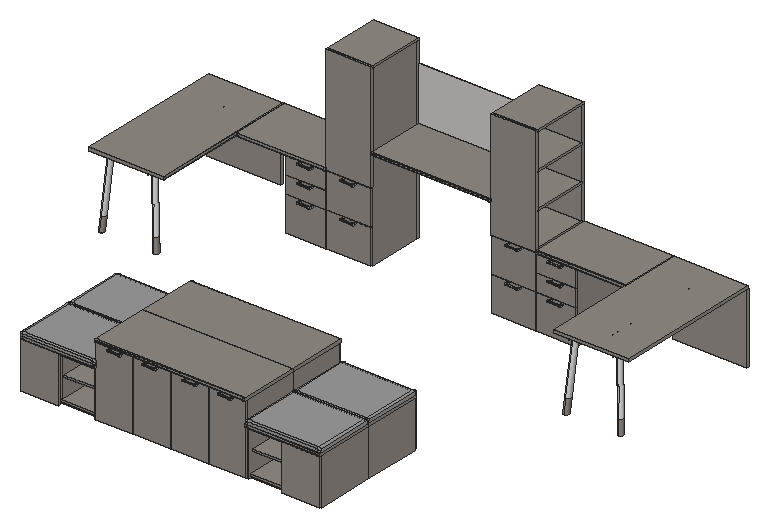
Revit family "JSI-Vision-Typical_Veneer-VSV110", category Furniture, Revit 2020 (continued)
Definition of nested family "JSI-Vision-Modular_Door_Pedestal"
  Forms (in)
    Extrusion 8, solid, material <- "Chassis"
      sketch origin (15.815, -23.25, 48) x (0, 1, 0) y (0, 0, 1)
        loop
          line (5.25, -46.8125) -> (22.8125, -46.8125) -> (22.8125, -46.0625) -> (5.25, -46.0625) -> (5.25, -46.8125)
      from -14.94 to 13.31
    Extrusion 9, solid, material <- "Chassis"
      sketch origin (15.815, -23.25, 48) x (0, 1, 0) y (0, 0, 1)
        loop
          line (6.8125, -32.64469) -> (6.8125, -33.39469) -> (22.8125, -33.39469) -> (22.8125, -32.64469) -> (6.8125, -32.64469)
      from -14.94 to 13.31
  Lines and regions (in)
    symbolic lines
      curve 1: line (0.125, -0.1875, 0) -> (0.125, -18.875, 0)
      curve 2: line (0.125, -18.875, 0) -> (0.875, -18.875, 0)
      curve 3: line (0.875, -18.875, 0) -> (0.875, -0.1875, 0)
      curve 4: line (29.875, -0.1875, 0) -> (29.875, -18.875, 0)
      curve 5: line (29.875, -18.875, 0) -> (29.125, -18.875, 0)
      curve 6: line (29.125, -18.875, 0) -> (29.125, -0.1875, 0)
      curve 7: line (0.875, -9.61516, 0) -> (29.125, -9.61516, 0)
      curve 8: line (0.875, -14.61516, 0) -> (29.125, -14.61516, 0)
      curve 9: line (0.1875, -19, 0) -> (0.1875, -19.75, 0)
      curve 10: line (0.1875, -19.75, 0) -> (14.9375, -19.75, 0)
      curve 11: line (14.9375, -19.75, 0) -> (14.9375, -19, 0)
      curve 12: line (14.9375, -19, 0) -> (0.1875, -19, 0)
      curve 13: line (15.0625, -19, 0) -> (15.0625, -19.75, 0)
      curve 14: line (15.0625, -19.75, 0) -> (29.8125, -19.75, 0)
      curve 15: line (29.8125, -19.75, 0) -> (29.8125, -19, 0)
      curve 16: line (29.8125, -19, 0) -> (15.0625, -19, 0)
      curve 17: line (0.875, -0.1875, 0) -> (0.125, -0.1875, 0)
      curve 18: line (29.875, -0.1875, 0) -> (29.125, -0.1875, 0)
      curve 19: line (29.125, -0.1875, 0) -> (0.875, -0.1875, 0)
      curve 20: line (0.875, -0.4375, 0) -> (29.125, -0.4375, 0)
  Dimensions and locks (in)
    "Width": plane 3 "Center Left/Right" to plane 5
    plane 3 "Center Left/Right" to plane 6 to plane 7 = 1/8" locked, 3/4" locked
    plane 10 to plane 9 to plane 1 "Center Front/Back" = 3/4" locked, 3/16" locked
    equal spacing: plane 3 "Center Left/Right", plane 11, plane 5
    plane 5 to plane 13 to plane 14 = 1/8" locked, 3/4" locked
    equal spacing: plane 7, plane 17, plane 16
    "Height": level to plane 12
    plane 24 to plane 23 to plane 25 to plane 27 to plane 26 = 5" locked, 4.25984" locked, 1/8" locked, 3/4" locked
    "Depth": plane 1 "Center Front/Back" to plane 28
    locked: plane 26 to plane 28 at 0.25
    equal spacing: plane 11, plane 20, plane 14
    plane 16 to plane 11 to plane 21 = 1/16" locked, 1/16" locked
    locked: plane 6 to plane 15 at 0.0625
    locked: plane 29 to plane 13 at 0.0625
    Extrusion 2 sketch curve to Extrusion 2 sketch curve to plane 27 = 3/4" locked, 1/4" locked
    locked: plane 4 to Extrusion 2 sketch curve at 1.875
    locked: plane 9 to Extrusion 7 sketch curve at 0.25
    plane 4 to Extrusion 8 sketch curve to Extrusion 8 sketch curve = 1 3/16" locked, 3/4" locked
    locked: Extrusion 8 sketch curve to plane 27 at 1
    locked: plane 9 to Extrusion 8 sketch curve at 0.25
    plane 19 to plane 18 to plane 12 = 0.74398" locked, 0.13805" locked
    locked: plane 10 to Extrusion 9 sketch curve at 15.5
    Extrusion 9 sketch curve to Extrusion 9 sketch curve to plane 4 = 3/4" locked, 14.60531" locked
    locked: plane 1 "Center Front/Back" to Extrusion 9 sketch curve at 0.4375
    aligned and locked: level to plane 2
    aligned and locked: plane 7 to Extrusion 1
    aligned and locked: Extrusion 3 to plane 14
    aligned and locked: Extrusion 2 to plane 7
    aligned and locked: Extrusion 2 to plane 14
    aligned and locked: plane 15 to Extrusion 4
    aligned and locked: Extrusion 4 to plane 16
    aligned and locked: nested 1 to plane 19
    aligned and locked: nested 1 to plane 17
    aligned and locked: nested 2 to plane 11
    aligned and locked: Extrusion 5 sketch curve to plane 18
    aligned and locked: plane 24 to Extrusion 5 sketch curve
    aligned and locked: Extrusion 5 sketch curve to plane 22
    aligned and locked: Extrusion 5 sketch curve to plane 23
    aligned and locked: Extrusion 5 to plane 7
    aligned and locked: Extrusion 5 to plane 14
    aligned and locked: plane 27 to Extrusion 4
    aligned and locked: Extrusion 4 to plane 26
    aligned and locked: plane 20 to nested 3
    aligned and locked: plane 19 to nested 3
    aligned and locked: Extrusion 6 to plane 26
    aligned and locked: plane 27 to Extrusion 6
    aligned and locked: plane 16 to Extrusion 4  (x3)
    aligned and locked: Extrusion 6 to plane 21
    aligned and locked: plane 21 to Extrusion 6  (x2)
    aligned and locked: Extrusion 4 to plane 15  (x2)
    aligned and locked: nested 1 to plane 26
    aligned and locked: plane 26 to nested 3
    aligned and locked: nested 3 to plane 26
    aligned and locked: curve 7 to Extrusion 5
    aligned and locked: curve 8 to Extrusion 5
    aligned and locked: nested 2 to plane 26
    aligned and locked: Extrusion 4 to plane 18
    aligned and locked: Extrusion 6 to plane 18
    aligned and locked: Extrusion 6 to plane 29
    aligned and locked: curve 13 to plane 21
    aligned and locked: curve 11 to plane 16
    aligned and locked: plane 4 to Extrusion 2 sketch curve
    aligned and locked: plane 9 to Extrusion 1
    aligned and locked: plane 9 to Extrusion 3
    aligned and locked: curve 6 to Extrusion 3
    aligned and locked: curve 17 to Extrusion 1
    aligned and locked: curve 18 to Extrusion 3
    aligned and locked: Extrusion 7 sketch curve to plane 9
    aligned and locked: plane 12 to Extrusion 7 sketch curve
    aligned and locked: plane 2 to Extrusion 7 sketch curve
    aligned and locked: Extrusion 7 to plane 7
    aligned and locked: Extrusion 7 to plane 14
    aligned and locked: curve 19 to Extrusion 7
    aligned and locked: curve 20 to Extrusion 7
    aligned and locked: Extrusion 8 to plane 7
    aligned and locked: Extrusion 8 to plane 14
    aligned and locked: Extrusion 9 to plane 7
    aligned and locked: Extrusion 9 to plane 14
  Automatic sketch dimensions
    plane 12 to Extrusion 1 sketch curve = 0"
    Extrusion 1 sketch curve to plane 25 = 0"
    Extrusion 1 sketch curve to level = 0"
    plane 10 to Extrusion 1 sketch curve = 3/4"
    plane 12 to Extrusion 3 sketch curve = 0"
    Extrusion 3 sketch curve to plane 25 = 0"
    Extrusion 3 sketch curve to level = 0"
    Extrusion 3 sketch curve to plane 10 = 3/4"
    Extrusion 4 sketch curve to plane 26 = 0"
    Extrusion 4 sketch curve to plane 27 = 0"
    level to Extrusion 4 sketch curve = 1/8"
    Extrusion 6 sketch curve to plane 26 = 0"
    Extrusion 6 sketch curve to plane 27 = 0"
    level to Extrusion 6 sketch curve = 1/8"
    plane 22 to Extrusion 4 sketch curve = 0.67445"
    plane 22 to Extrusion 6 sketch curve = 0.67445"
    Extrusion 1 sketch curve to Extrusion 1 sketch curve = 1.5756"
    plane 10 to Extrusion 3 sketch curve = 0.69082"
    curve 1 to plane 6 = 0"
    curve 12 to plane 15 = 0"
    curve 3 to plane 7 = 0"
    curve 16 to plane 27 = 0"
    curve 16 to plane 29 = 0"
    curve 5 to plane 25 = 0"
    curve 9 to plane 26 = 0"
    curve 15 to plane 26 = 0"
    curve 12 to plane 27 = 0"
    curve 1 to plane 25 = 0"
    curve 5 to plane 13 = 0"
  Nested families (in)
    nested 1: "Bar Pull" at (7.90625, -19.75, 27.11797), Pull Finish <- "Pull Finish", type "PL"
      with Pull Finish none
    nested 2: "Label 1-16" at (15, -19.75, 0), type "DRWCFG"
    nested 3: "Bar Pull" at (22.0625, -19.75, 27.11797) x (-1, 0, 0) z (0, 0, 1), Pull Finish <- "Pull Finish", type "PL"
      with Pull Finish none
  Definition of nested family "Bar Pull"
    Parameters
      Pull Finish [instance] = none
      Default Elevation = 0"
    Reference planes (in)
      plane 1 "Center Front/Back": y = 0
      plane 2: z = 0
      plane 3 "Center Left/Right": x = 0
      plane 4: x = -2.68731
      plane 5: x = -1.88731
      plane 6: x = 2.68731
      plane 7: x = 1.88731
      plane 8: y = -1
      plane 9: y = -0.85202
    Forms (in)
      Extrusion 1, solid, material <- "Pull Finish"
        sketch origin (0, 0, 0) x (0, 1, 0) y (0, 0, 1)
          loop
            line (0, -0.2015) -> (0, 0.2015) -> (-0.85202, 0.2015)
            arc (-0.85202, 0.2015) -> (-0.75, 0) -> (-0.85202, -0.2015) r 0.25
            line (-0.85202, -0.2015) -> (0, -0.2015)
        from 1.88731 to 2.68731
      Extrusion 2, solid, material <- "Pull Finish"
        sketch origin (0, 0, 0) x (0, 1, 0) y (0, 0, 1)
          loop
            circle (-1, 0) r 0.25
        from -2.68731 to 2.68731
      Extrusion 3, solid, material <- "Pull Finish"
        sketch origin (0, 0, 0) x (0, 1, 0) y (0, 0, -1)
          loop
            line (0, 0.2015) -> (-0.85202, 0.2015)
            arc (-0.85202, 0.2015) -> (-0.75, 0) -> (-0.85202, -0.2015) r 0.25
            line (-0.85202, -0.2015) -> (0, -0.2015) -> (0, 0.2015)
        from 1.88731 to 2.68731
    Dimensions and locks (in)
      plane 4 to plane 5 to plane 3 "Center Left/Right" to plane 7 to plane 6 = 0.8" locked, 1.88731" locked, 1.88731" locked, 0.8" locked
      plane 8 to plane 9 to plane 1 "Center Front/Back" = 0.14798" locked, 0.85202" locked
      aligned and locked: level to plane 2
      aligned and locked: plane 4 to Extrusion 3
      aligned and locked: Extrusion 3 to plane 5
      aligned and locked: plane 4 to Extrusion 2
      aligned and locked: Extrusion 1 to plane 7
      aligned and locked: plane 6 to Extrusion 1
      aligned and locked: plane 6 to Extrusion 2
      aligned and locked: plane 8 to Extrusion 2 sketch curve
      aligned and locked: Extrusion 3 to plane 1 "Center Front/Back"
      aligned and locked: Extrusion 1 to plane 1 "Center Front/Back"
      aligned and locked: plane 5 to Extrusion 3
      aligned and locked: Extrusion 3 to plane 4
      aligned and locked: Extrusion 2 to plane 4
      aligned and locked: plane 7 to Extrusion 1
      aligned and locked: Extrusion 1 to plane 6
      aligned and locked: Extrusion 2 to plane 6
  Definition of nested family "Label 1-16"
    Parameters
      Width = 1"
      Model Name = "2 Drw - 2 Drs"
    Reference planes (in)
      plane 1: y = 0
      plane 2: x = 0
    Text (in)
      label "XX" at (0.00051, -0.12324, 0), shows "Model Name"
Definition of nested family "JSI-Vision-Rectangle_Desk_Top"
  Parameters (values of type "Type Catalog")
    Worksurface = none
    Width = 42"
    URL = "www.jsifurniture.com"
    Type Comments = ""
    Series = "Vision Casegoods"  # constant formula
    Model = "Type Catalog"
    Material = ""
    Manufacturer = "JSI"  # constant formula
    Keynote = "12500"
    JSI Enviromental Website = "http://www.jsifurniture.com/jsi_sustainability_intro.php"
    Height = 30"
    Description = "Type Catalog"
    Depth = 30"
    Default Elevation = 0"
    Assembly Code = "E2020200"
  Reference planes (in)
    plane 1 "Center Front/Back": y = 0
    plane 2: z = 0
    plane 3 "Center Left/Right": x = 0
    plane 4: z = 0
    plane 5: x = 42
    plane 6: y = -30
    plane 7: z = 31.1875
    plane 8: z = 30
  Forms (in)
    Extrusion 1, solid, material <- "Worksurface"
      sketch origin (0, 0, 28) x (0, 1, 0) y (0, 0, 1)
        loop
          line (-29.88189, 2) -> (0, 2) -> (0, 3.1875) -> (-29.88189, 3.1875)
          arc (-29.88189, 3.1875) -> (-29.96541, 3.15291) -> (-30, 3.06939) r 0.11811
          line (-30, 3.06939) -> (-30, 2.11811)
          arc (-30, 2.11811) -> (-29.96541, 2.03459) -> (-29.88189, 2) r 0.11811
      from 0 to 42
  Lines and regions (in)
    symbolic lines
      curve 1: line (0, 0, 0) -> (42, 0, 0)
      curve 2: line (0, -30, 0) -> (0, 0, 0)
      curve 3: line (42, -30, 0) -> (0, -30, 0)
      curve 4: line (42, 0, 0) -> (42, -30, 0)
  Dimensions and locks (in)
    "Depth": plane 6 to plane 1 "Center Front/Back"
    "Width": plane 5 to plane 3 "Center Left/Right"
    locked: plane 7 to plane 8 at 1.1875
    "Height": plane 8 to level
    aligned and locked: level to plane 2
    aligned and locked: plane 5 to Extrusion 1
    aligned and locked: curve 1 to Extrusion 1
    aligned and locked: curve 2 to Extrusion 1
    aligned and locked: plane 6 to curve 3
    aligned and locked: curve 4 to plane 5
    aligned and locked: Extrusion 1 to plane 8
    aligned and locked: Extrusion 1 to plane 7
  Automatic sketch dimensions
    Extrusion 1 sketch curve to plane 6 = 0"
    level to Extrusion 1 sketch curve = 30"
    Extrusion 1 sketch curve to plane 7 = 0"
    Extrusion 1 sketch curve to plane 1 "Center Front/Back" = 0"
    Extrusion 1 sketch curve to Extrusion 1 sketch curve = 0.11811"
    plane 6 to Extrusion 1 sketch curve = 0.11811"
Definition of nested family "JSI-Vision-Sliding_Door_Modular_Bench_Pedestal"
  Parameters (values of type "Type Catalog")
    Width = 30"
    URL = "www.jsifurniture.com"
    Top = none
    Tag = "DOOR"
    Series = "Vision Casegoods"  # constant formula
    Model = "Type Catalog"
    Manufacturer = "JSI"  # constant formula
    Keynote = "12500"
    JSI Enviromental Website = "http://www.jsifurniture.com/jsi_sustainability_intro.php"
    Height = 18 3/4"
    Door Front = none
    Description = "Type Catalog"
    Depth = 18"
    Default Elevation = 0"
    Chassis = none
    Assembly Code = "E2020200"
  Reference planes (in)
    plane 1 "Center Front/Back": y = 0
    plane 2: z = 0
    plane 3 "Center Left/Right": x = 0
    plane 4: x = 30
    plane 5: x = 0.18716
    plane 6: x = 29.81244
    plane 7: z = 10.33219
    plane 8: x = 0.75
    plane 9: x = 29.126
    plane 10: y = -0.8125
    plane 11: y = -17.25
    plane 12: x = 15
    plane 13: z = 18.75
    plane 14: z = 18.6409
    plane 15: z = 9.58219
    plane 16: z = 1.9375
    plane 17: z = 1.1875
    plane 18: y = -17
    plane 19: y = -18
    plane 20: x = 14.625
    plane 21: x = 15.375
    plane 22: y = -16.125
    plane 23: y = -15.1875
    plane 24: y = -15.9375
    plane 25: z = 1
    plane 26: z = 18
  Forms (in)
    Extrusion 1, solid, material <- "Chassis"
      sketch origin (0.125, -0.1875, 48) x (0, 1, 0) y (0, 0, 1)
        loop
          line (0.1875, -29.25) -> (-17.0625, -29.25) -> (-17.0625, -48) -> (0.1875, -48) -> (0.1875, -29.25)
      from -0.125 to 0.625
    Extrusion 2, solid, material <- "Chassis"
      sketch origin (29.875, -0.1875, 48) x (0, 1, 0) y (0, 0, 1)
        loop
          line (0.1875, -29.25) -> (-17.0625, -29.25) -> (-17.0625, -48) -> (0.1875, -48) -> (0.1875, -29.25)
      from -0.749 to 0.125
    Extrusion 3, solid, material <- "Chassis"
      sketch origin (0, 0, 0) x (1, 0, 0) y (0, 1, 0)
        loop
          line (0.75, -15.1875) -> (0.75, -15.9375) -> (29.126, -15.9375) -> (29.126, -15.1875) -> (0.75, -15.1875)
      from 0 to 1.1875
    Extrusion 4, solid, material <- "Chassis"
      sketch origin (0, 0, 0) x (0, 1, 0) y (0, 0, 1)
        loop
          line (0, 18) -> (0, 18.75) -> (-17.25, 18.75) -> (-17.25, 18) -> (0, 18)
        loop
          line (0, 1.1875) -> (0, 1.9375) -> (-17, 1.9375) -> (-17, 1.1875) -> (0, 1.1875)
      from 0.75 to 29.126
    Extrusion 5, solid, material <- "Door Front"
      sketch origin (0, 0, 0) x (0, 1, 0) y (0, 0, 1)
        loop
          line (-17.25, 18.6409) -> (-18, 18.6409) -> (-18, 0.25) -> (-17.25, 0.25) -> (-17.25, 18.6409)
      from 0.18716 to 15.375
    Extrusion 6, solid, material <- "Chassis"
      sketch origin (0, 0, 0) x (0, 1, 0) y (0, 0, 1)
        loop
          line (-0.25, 9.58219) -> (-0.25, 10.33219) -> (-15.75, 10.33219) -> (-15.75, 9.58219) -> (-0.25, 9.58219)
      from 0.75 to 14.625
    Extrusion 7, solid, material <- "Chassis"
      sketch origin (0, 0, 0) x (0, 1, 0) y (0, 0, 1)
        loop
          line (0, 18) -> (-16.125, 18) -> (-16.125, 1.9375) -> (0, 1.9375) -> (0, 18)
      from 14.625 to 15.375
    Extrusion 8, solid, material <- "Chassis"
      sketch origin (30, 0, 0) x (0, 1, 0) y (0, 0, -1)
        loop
          line (-0.25, -9.58219) -> (-15.75, -9.58219) -> (-15.75, -10.33219) -> (-0.25, -10.33219) -> (-0.25, -9.58219)
      from 0.874 to 14.625
    Extrusion 9, solid, material <- "Chassis"
      sketch origin (0, 0, 0) x (1, 0, 0) y (0, 1, 0)
        loop
          line (0.75, 0) -> (0.75, -0.25) -> (14.625, -0.25) -> (14.625, 0) -> (0.75, 0)
        loop
          line (15.375, 0) -> (15.375, -0.25) -> (29.126, -0.25) -> (29.126, 0) -> (15.375, 0)
      from 1.9375 to 18
  Lines and regions (in)
    symbolic lines
      curve 1: line (0, 0, 0) -> (30, 0, 0)
      curve 2: line (0, -17.875, 0) -> (0, 0, 0)
      curve 3: line (30, -17.875, 0) -> (0, -17.875, 0)
      curve 4: line (30, 0, 0) -> (30, -17.875, 0)
  Dimensions and locks (in)
    plane 9 to plane 6 to plane 4 = 0.68644" locked, 0.18756" locked
    plane 3 "Center Left/Right" to plane 5 to plane 8 = 0.18716" locked, 0.56284" locked
    "Width": plane 3 "Center Left/Right" to plane 4
    equal spacing: plane 3 "Center Left/Right", plane 12, plane 4
    locked: plane 1 "Center Front/Back" to plane 10 at 0.8125
    plane 16 to plane 17 to level = 3/4" locked, 1 3/16" locked
    "Depth": plane 1 "Center Front/Back" to plane 19
    locked: plane 25 to level at 1
    locked: Extrusion 6 sketch curve to plane 22 at 0.375
    plane 20 to plane 12 to plane 21 = 3/8" locked, 3/8" locked
    plane 23 to plane 24 to plane 22 to plane 18 to plane 11 to plane 19 = 3/4" locked, 3/16" locked, 7/8" locked, 1/4" locked, 3/4" locked
    locked: plane 13 to plane 26 at 0.75
    locked: plane 14 to plane 13 at 0.1091
    "Height": plane 13 to level
    locked: Extrusion 5 sketch curve to plane 2 at 0.25
    locked: plane 1 "Center Front/Back" to Extrusion 9 sketch curve at 0.25  (x2)
    aligned and locked: level to plane 2
    aligned and locked: Extrusion 1 sketch curve to level
    aligned and locked: level to Extrusion 2 sketch curve
    aligned and locked: plane 8 to Extrusion 3 sketch curve
    aligned and locked: nested 1 to plane 12
    aligned and locked: plane 3 "Center Left/Right" to curve 2
    aligned and locked: plane 1 "Center Front/Back" to curve 1
    aligned and locked: curve 4 to plane 4
    aligned and locked: plane 13 to Extrusion 4 sketch curve
    aligned and locked: Extrusion 4 sketch curve to plane 11
    aligned and locked: plane 16 to Extrusion 4 sketch curve
    aligned and locked: Extrusion 4 sketch curve to plane 17
    aligned and locked: nested 1 to plane 19
    aligned and locked: plane 17 to Extrusion 3
    aligned and locked: plane 23 to Extrusion 3
    aligned and locked: Extrusion 3 to plane 24
    aligned and locked: Extrusion 5 sketch curve to plane 14
    aligned and locked: plane 11 to Extrusion 5 sketch curve
    aligned and locked: Extrusion 5 sketch curve to plane 19
    aligned and locked: plane 21 to Extrusion 5
    aligned and locked: plane 5 to Extrusion 5
    aligned and locked: plane 7 to Extrusion 6 sketch curve
    aligned and locked: Extrusion 6 sketch curve to plane 15
    aligned and locked: plane 16 to Extrusion 7 sketch curve
    aligned and locked: plane 22 to Extrusion 7 sketch curve
    aligned and locked: Extrusion 8 to plane 21
    aligned and locked: plane 7 to Extrusion 8
    aligned and locked: Extrusion 8 to plane 15
    aligned and locked: plane 9 to Extrusion 8
    aligned and locked: Extrusion 1 to plane 1 "Center Front/Back"
    aligned and locked: Extrusion 2 to plane 1 "Center Front/Back"
    aligned and locked: Extrusion 4 to plane 1 "Center Front/Back"
    aligned and locked: Extrusion 7 to plane 1 "Center Front/Back"
    aligned and locked: plane 8 to Extrusion 9 sketch curve
    aligned and locked: plane 20 to Extrusion 9 sketch curve
    aligned and locked: plane 1 "Center Front/Back" to Extrusion 9 sketch curve  (x2)
    aligned and locked: plane 21 to Extrusion 9 sketch curve
    aligned and locked: Extrusion 9 sketch curve to plane 9
    aligned and locked: plane 26 to Extrusion 9
    aligned and locked: Extrusion 9 to plane 16
    aligned and locked: Extrusion 6 to Extrusion 9
    aligned and locked: Extrusion 8 to Extrusion 9
  Automatic sketch dimensions
    plane 19 to curve 4 = 1/8"
    Extrusion 1 sketch curve to plane 11 = 0"
    Extrusion 1 sketch curve to plane 13 = 0"
    Extrusion 2 sketch curve to plane 11 = 0"
    Extrusion 2 sketch curve to plane 13 = 0"
    Extrusion 3 sketch curve to plane 9 = 0"
    Extrusion 3 sketch curve to plane 24 = 0"
    Extrusion 3 sketch curve to plane 23 = 0"
    plane 15 to Extrusion 8 sketch curve = 0"
    Extrusion 8 sketch curve to plane 7 = 0"
    plane 10 to Extrusion 8 sketch curve = 9/16"
    plane 24 to Extrusion 8 sketch curve = 3/16"
    plane 26 to Extrusion 7 sketch curve = 0"
    plane 10 to Extrusion 1 sketch curve = 13/16"
    plane 10 to Extrusion 2 sketch curve = 13/16"
    Extrusion 4 sketch curve to plane 18 = 0"
    Extrusion 4 sketch curve to plane 26 = 0"
    plane 10 to Extrusion 4 sketch curve = 13/16"  (x2)
    plane 10 to Extrusion 7 sketch curve = 13/16"
    plane 10 to Extrusion 6 sketch curve = 9/16"
  Nested families (in)
    nested 1: "Label 1-16" at (15, -18, 0), type "DRWCFG"
  Definition of nested family "Label 1-16"
    Parameters
      Width = 1"
      Model Name = "DOOR"
    Reference planes (in)
      plane 1: y = 0
      plane 2: x = 0
    Text (in)
      label "XX" at (0.00051, -0.12324, 0), shows "Model Name"
Definition of nested family "JSI-Vision_Modular_Bridge_Top"
  Parameters (values of type "Type Catalog")
    Worksurface = none
    Width = 36"
    URL = "www.jsifurniture.com"
    Type Comments = ""
    Series = "Vision Casegoods"  # constant formula
    Model = "Type Catalog"
    Material = ""
    Manufacturer = "JSI"  # constant formula
    Keynote = "12500"
    JSI Enviromental Website = "http://www.jsifurniture.com/jsi_sustainability_intro.php"
    Height = 30"
    Grommet Finish = none
    Description = "Type Catalog"
    Depth = 20"
    Default Elevation = 0"
    Assembly Code = "E2020200"
  Reference planes (in)
    plane 1: z = 0
    plane 2 "Center (Left/Right)": x = -36.06413
    plane 3: z = 30
    plane 4: z = 28.8125
    plane 5: y = -9.25
    plane 6 "Center (Front/Back)": y = 10.75
    plane 7: x = -18.06413
    plane 8: x = -0.06413
    plane 9: y = 7.8125
  Forms (in)
    Extrusion 1, solid, material <- "Worksurface"
      sketch origin (-36.06413, 0, 0) x (0, 1, 0) y (0, 0, 1)
        loop
          line (10.75, 28.8125) -> (10.75, 30) -> (-9.125, 30)
          arc (-9.125, 30) -> (-9.21339, 29.96339) -> (-9.25, 29.875) r 0.125
          line (-9.25, 29.875) -> (-9.25, 28.9375)
          arc (-9.25, 28.9375) -> (-9.21339, 28.84911) -> (-9.125, 28.8125) r 0.125
          line (-9.125, 28.8125) -> (10.75, 28.8125)
      from 0 to 36
  Lines and regions (in)
    symbolic lines
      curve 1: line (-36.06413, 10.75, 0) -> (-36.06413, -9.25, 0)
      curve 2: line (-0.06413, 10.75, 0) -> (-36.06413, 10.75, 0)
      curve 3: line (-0.06413, -9.25, 0) -> (-0.06413, 10.75, 0)
      curve 4: line (-36.06413, -9.25, 0) -> (-0.06413, -9.25, 0)
  Dimensions and locks (in)
    "Height": plane 3 to level
    locked: plane 3 to plane 4 at 1.1875
    equal spacing: plane 2 "Center (Left/Right)", plane 7, plane 8
    "Width": plane 2 "Center (Left/Right)" to plane 8
    "Depth": plane 5 to plane 6 "Center (Front/Back)"
    locked: plane 6 "Center (Front/Back)" to plane 9 at 2.9375
    aligned and locked: level to plane 1
    aligned and locked: Extrusion 1 to plane 8
    aligned and locked: curve 1 to Extrusion 1
    aligned and locked: curve 2 to Extrusion 1
    aligned and locked: curve 3 to Extrusion 1
    aligned and locked: curve 4 to plane 5
  Automatic sketch dimensions
    Extrusion 1 sketch curve to plane 5 = 0"
    Extrusion 1 sketch curve to plane 3 = 0"
    Extrusion 1 sketch curve to plane 4 = 0"
    Extrusion 1 sketch curve to plane 6 "Center (Front/Back)" = 0"
    Extrusion 1 sketch curve to Extrusion 1 sketch curve = 1/8"
    plane 5 to Extrusion 1 sketch curve = 1/8"
    curve 1 to plane 2 "Center (Left/Right)" = 0"
    plane 6 "Center (Front/Back)" to curve 3 = 0"
    curve 4 to plane 8 = 0"
Definition of nested family "JSI-Vision-Bench_Height_Modular_Top"
  Parameters (values of type "Type Catalog")
    Worksurface = none
    Width = 42"
    URL = "www.jsifurniture.com"
    Type Comments = ""
    Series = "Vision Casegoods"  # constant formula
    Model = "Type Catalog"
    Material = ""
    Manufacturer = "JSI"  # constant formula
    Keynote = "12500"
    JSI Enviromental Website = "http://www.jsifurniture.com/jsi_sustainability_intro.php"
    Height = 19 1/2"
    Description = "Type Catalog"
    Depth = 30"
    Default Elevation = 0"
    Assembly Code = "E2020200"
  Reference planes (in)
    plane 1 "Center Front/Back": y = 0
    plane 2: z = 0
    plane 3 "Center Left/Right": x = 0
    plane 4: z = 0
    plane 5: x = 42
    plane 6: y = -30
    plane 7: z = 20.6875
    plane 8: z = 19.5
  Forms (in)
    Extrusion 1, solid, material <- "Worksurface"
      sketch origin (0, 0, 28) x (0, 1, 0) y (0, 0, 1)
        loop
          line (-29.88189, -8.5) -> (0, -8.5) -> (0, -7.3125) -> (-29.88189, -7.3125)
          arc (-29.88189, -7.3125) -> (-29.96541, -7.34709) -> (-30, -7.43061) r 0.11811
          line (-30, -7.43061) -> (-30, -8.38189)
          arc (-30, -8.38189) -> (-29.96541, -8.46541) -> (-29.88189, -8.5) r 0.11811
      from 0 to 42
  Lines and regions (in)
    symbolic lines
      curve 1: line (0, 0, 0) -> (42, 0, 0)
      curve 2: line (0, -30, 0) -> (0, 0, 0)
      curve 3: line (42, -30, 0) -> (0, -30, 0)
      curve 4: line (42, 0, 0) -> (42, -30, 0)
  Dimensions and locks (in)
    "Depth": plane 6 to plane 1 "Center Front/Back"
    "Width": plane 5 to plane 3 "Center Left/Right"
    locked: plane 7 to plane 8 at 1.1875
    "Height": plane 8 to level
    aligned and locked: level to plane 2
    aligned and locked: plane 5 to Extrusion 1
    aligned and locked: curve 1 to Extrusion 1
    aligned and locked: curve 2 to Extrusion 1
    aligned and locked: plane 6 to curve 3
    aligned and locked: curve 4 to plane 5
    aligned and locked: Extrusion 1 to plane 8
    aligned and locked: Extrusion 1 to plane 7
  Automatic sketch dimensions
    Extrusion 1 sketch curve to plane 6 = 0"
    level to Extrusion 1 sketch curve = 19 1/2"
    Extrusion 1 sketch curve to plane 7 = 0"
    Extrusion 1 sketch curve to plane 1 "Center Front/Back" = 0"
    Extrusion 1 sketch curve to Extrusion 1 sketch curve = 0.11811"
    plane 6 to Extrusion 1 sketch curve = 0.11811"
Definition of nested family "JSI-Vision-Wood_Dowel_Base"
  Parameters (values of type "VST0228MKL2, Wood Dowel Base 28"H")
    Width = 2"
    Upper Leg Finish = none
    URL = "www.jsifurniture.com"
    Type Comments = ""
    Support Finish = none
    Series = "Vision Casegoods"  # constant formula
    Model = "VST0228MKL2"
    Material = ""
    Manufacturer = "JSI"  # constant formula
    Low Leg Finish = none
    Keynote = "12500"  # constant formula
    JSI Enviromental Website = "http://www.jsifurniture.com/jsi_sustainability_intro.php"
    Height = 28 5/16"
    Glide Finish = none
    Description = "Wood Dowel Base - 2\"W x 2\"D x 28 5/16\"H"
    Depth = 2"
    Default Elevation = 0"
    Assembly Code = "E2020200"
  Types (2): name | Model
    VSV0228MKL2, Wood Dowel Base 28"H | "VSV0228MKL2"
    VST0228MKL2, Wood Dowel Base 28"H | "VST0228MKL2"
  Reference planes (in)
    plane 1 "Center Front/Back": y = 0
    plane 2: z = 0
    plane 3 "Center Left/Right": x = 0
    plane 4: z = 28.3125
    plane 5: z = 28.15375
    plane 6: z = 0.29528
    plane 7: through (-0.0332, 10.94291, 48) normal (0.7071, -0.7071, 0)
    plane 8: through (-0.0332, -10.94291, 48) normal (-0.7071, -0.7071, 0)
  Forms (in)
    Extrusion 1, solid, material <- "Support Finish"
      sketch origin (0, 0, 0) x (1, 0, 0) y (0, 1, 0)
        loop
          line (-2.24947, 12.19991) -> (-5.43145, 9.01793)
          arc (-5.43145, 9.01793) -> (-5.50467, 8.84115) -> (-5.43145, 8.66437) r 0.25
          line (-5.43145, 8.66437) -> (-2.24947, 5.48239)
          arc (-2.24947, 5.48239) -> (-2.07269, 5.40917) -> (-1.89591, 5.48239) r 0.25
          line (-1.89591, 5.48239) -> (1.28607, 8.66437)
          arc (1.28607, 8.66437) -> (1.35929, 8.84115) -> (1.28607, 9.01793) r 0.25
          line (1.28607, 9.01793) -> (-1.89591, 12.19991)
          arc (-1.89591, 12.19991) -> (-2.07269, 12.27313) -> (-2.24947, 12.19991) r 0.25
        loop
          line (-2.24947, -5.54509) -> (-5.43145, -8.72707)
          arc (-5.43145, -8.72707) -> (-5.50467, -8.90385) -> (-5.43145, -9.08063) r 0.25
          line (-5.43145, -9.08063) -> (-2.24947, -12.26261)
          arc (-2.24947, -12.26261) -> (-2.07269, -12.33583) -> (-1.89591, -12.26261) r 0.25
          line (-1.89591, -12.26261) -> (1.28607, -9.08063)
          arc (1.28607, -9.08063) -> (1.35929, -8.90385) -> (1.28607, -8.72707) r 0.25
          line (1.28607, -8.72707) -> (-1.89591, -5.54509)
          arc (-1.89591, -5.54509) -> (-2.07269, -5.47187) -> (-2.24947, -5.54509) r 0.25
      from 28.15375 to 28.3125
    Blend 2, solid, material <- "Low Leg Finish"
      base sketch origin (0, 0, 0) x (1, 0, 0) y (0, 1, 0)
        loop
          circle (-0.0332, 10.94291) r 1
      top sketch origin (0, 0, 0) x (1, 0, 0) y (0, 1, 0)
        loop
          circle (-0.47167, 10.50444) r 1
      from 0.379 to 6.16057
    Blend 3, solid, material <- "Upper Leg Finish"
      base sketch origin (0, 0, 0) x (1, 0, 0) y (0, 1, 0)
        loop
          circle (-0.47167, 10.50444) r 1
      top sketch origin (0, 0, 0) x (1, 0, 0) y (0, 1, 0)
        loop
          circle (-2.0724, 8.84122) r 1
      from 6.16057 to 28.15375
    Blend 4, solid, material <- "Low Leg Finish"
      base sketch origin (0, 0, 0) x (1, 0, 0) y (0, 1, 0)
        loop
          circle (-0.0332, -10.94291) r 1
      top sketch origin (0, 0, 0) x (1, 0, 0) y (0, 1, 0)
        loop
          circle (-0.47167, -10.50444) r 1
      from 0.379 to 6.16057
    Blend 5, solid, material <- "Upper Leg Finish"
      base sketch origin (0, 0, 0) x (1, 0, 0) y (0, 1, 0)
        loop
          circle (-0.47167, -10.50444) r 1
      top sketch origin (0, 0, 0) x (1, 0, 0) y (0, 1, 0)
        loop
          circle (-2.0724, -8.84122) r 1
      from 6.16057 to 28.15375
    Extrusion 6, solid, material <- "Glide Finish"
      sketch origin (0, 0, 0) x (1, 0, 0) y (0, 1, 0)
        loop
          circle (-0.03037, 10.94687) r 0.43404
        loop
          circle (-0.03037, -10.94687) r 0.43404
      from 0 to 0.29528
  Lines and regions (in)
    symbolic lines
      curve 1: line (-2.24947, 12.19991, 0) -> (-5.43145, 9.01793, 0)
      curve 2: arc (-5.43145, 9.01793, 0) -> (-5.50467, 8.84115, 0) -> (-5.43145, 8.66437, 0) r 0.25
      curve 3: line (-5.43145, 8.66437, 0) -> (-2.24947, 5.48239, 0)
      curve 4: arc (-2.24947, 5.48239, 0) -> (-2.07269, 5.40917, 0) -> (-1.89591, 5.48239, 0) r 0.25
      curve 5: line (-1.89591, 5.48239, 0) -> (1.28607, 8.66437, 0)
      curve 6: arc (1.28607, 8.66437, 0) -> (1.35929, 8.84115, 0) -> (1.28607, 9.01793, 0) r 0.25
      curve 7: line (1.28607, 9.01793, 0) -> (-1.89591, 12.19991, 0)
      curve 8: arc (-1.89591, 12.19991, 0) -> (-2.07269, 12.27313, 0) -> (-2.24947, 12.19991, 0) r 0.25
      curve 9: line (-2.24947, -5.54509, 0) -> (-5.43145, -8.72707, 0)
      curve 10: arc (-5.43145, -8.72707, 0) -> (-5.50467, -8.90385, 0) -> (-5.43145, -9.08063, 0) r 0.25
      curve 11: line (-5.43145, -9.08063, 0) -> (-2.24947, -12.26261, 0)
      curve 12: arc (-2.24947, -12.26261, 0) -> (-2.07269, -12.33583, 0) -> (-1.89591, -12.26261, 0) r 0.25
      curve 13: line (-1.89591, -12.26261, 0) -> (1.28607, -9.08063, 0)
      curve 14: arc (1.28607, -9.08063, 0) -> (1.35929, -8.90385, 0) -> (1.28607, -8.72707, 0) r 0.25
      curve 15: line (1.28607, -8.72707, 0) -> (-1.89591, -5.54509, 0)
      curve 16: arc (-1.89591, -5.54509, 0) -> (-2.07269, -5.47187, 0) -> (-2.24947, -5.54509, 0) r 0.25
      curve 17: arc (0.6739, -10.23581, 0) -> (0.6739, -11.65002, 0) -> (-0.74031, -11.65002, 0) r 1
      curve 18: line (0.6739, -10.23581, 0) -> (0.4024, -9.9643, 0)
      curve 19: arc (-0.74031, 11.65002, 0) -> (0.6739, 11.65002, 0) -> (0.6739, 10.23581, 0) r 1
      curve 20: line (-0.74031, 11.65002, 0) -> (-1.04317, 11.34716, 0)
  Dimensions and locks (in)
    "Height": plane 2 to plane 4
    locked: plane 5 to plane 4 at 0.15875
    locked: plane 2 to plane 6 at 0.29528
    aligned and locked: level to plane 2
    aligned and locked: Extrusion 1 to plane 4
    aligned and locked: plane 5 to Extrusion 1
    aligned and locked: Blend 3 to Blend 2
    aligned and locked: Blend 3 to plane 5
    aligned and locked: Blend 4 to Blend 5
    aligned and locked: Extrusion 6 to plane 6
    aligned and locked: Extrusion 6 to plane 2
    aligned and locked: curve 2 to Extrusion 1
    aligned and locked: curve 4 to Extrusion 1
    aligned and locked: curve 6 to Extrusion 1
    aligned and locked: curve 8 to Extrusion 1
    aligned and locked: curve 10 to Extrusion 1
    aligned and locked: curve 12 to Extrusion 1
    aligned and locked: curve 14 to Extrusion 1
    aligned and locked: curve 16 to Extrusion 1
  Automatic sketch dimensions
    Extrusion 1 sketch curve to plane 3 "Center Left/Right" = 5.43145"  (x2)
    Extrusion 1 sketch curve to Extrusion 1 sketch curve = 0"  (x2)
    Extrusion 1 sketch curve to Extrusion 1 sketch curve = 0.17678"  (x22)
    Extrusion 1 sketch curve to plane 3 "Center Left/Right" = 2.24947"  (x4)
    plane 3 "Center Left/Right" to Extrusion 1 sketch curve = 1.10929"  (x2)
    plane 1 "Center Front/Back" to Extrusion 1 sketch curve = 12.26261"
    Extrusion 1 sketch curve to Extrusion 1 sketch curve = 3.18198"  (x6)
    Extrusion 1 sketch curve to plane 1 "Center Front/Back" = 5.48239"
    Blend 2 sketch curve to plane 3 "Center Left/Right" = 0.0332"
    plane 7 to Blend 2 sketch curve = 0"
    Blend 2 sketch curve to plane 3 "Center Left/Right" = 0.47167"
    Blend 3 sketch curve to plane 3 "Center Left/Right" = 0.47167"
    Blend 3 sketch curve to plane 3 "Center Left/Right" = 2.0724"
    Blend 3 sketch curve to plane 1 "Center Front/Back" = 8.84122"
    plane 3 "Center Left/Right" to Blend 4 sketch curve = 0.0332"
    Blend 4 sketch curve to plane 1 "Center Front/Back" = 10.94291"
    Blend 4 sketch curve to plane 8 = 0"
    plane 3 "Center Left/Right" to Blend 4 sketch curve = 0.47167"
    Blend 5 sketch curve to plane 3 "Center Left/Right" = 0.47167"
    plane 1 "Center Front/Back" to Blend 5 sketch curve = 10.50444"
    plane 3 "Center Left/Right" to Blend 5 sketch curve = 2.0724"
    Blend 5 sketch curve to plane 1 "Center Front/Back" = 8.84122"
    Blend 2 sketch curve to plane 1 "Center Front/Back" = 10.94291"
    Blend 3 sketch curve to plane 1 "Center Front/Back" = 10.50444"
    Extrusion 6 sketch curve to plane 3 "Center Left/Right" = 0.03037"  (x2)
    plane 1 "Center Front/Back" to Extrusion 6 sketch curve = 10.94687"
    Extrusion 6 sketch curve to plane 1 "Center Front/Back" = 10.94687"
    curve 9 to curve 10 = 0.17678"
    curve 3 to curve 2 = 0.17678"
    curve 1 to curve 2 = 0.17678"
    curve 11 to curve 10 = 0.17678"
    curve 1 to curve 8 = 0.17678"
    curve 3 to curve 4 = 0.17678"
    curve 11 to curve 12 = 0.17678"
    curve 9 to curve 16 = 0.17678"
    curve 8 to curve 7 = 0.17678"
    curve 16 to curve 15 = 0.17678"
    curve 4 to curve 5 = 0.17678"
    curve 12 to curve 13 = 0.17678"
    curve 19 to plane 3 "Center Left/Right" = 0.0332"
    curve 17 to plane 3 "Center Left/Right" = 0.0332"
    plane 3 "Center Left/Right" to curve 18 = 0.6739"
    curve 6 to curve 7 = 0.17678"
    curve 6 to curve 5 = 0.17678"
    curve 14 to curve 15 = 0.17678"
    curve 14 to curve 13 = 0.17678"
    curve 17 to curve 14 = 1.86229"
    curve 17 to curve 18 = 0.70711"
    curve 20 to plane 3 "Center Left/Right" = 1.04317"
    curve 17 to plane 3 "Center Left/Right" = 0.74031"
    plane 3 "Center Left/Right" to curve 19 = 0.6739"
    curve 19 to curve 19 = 0.70711"
    curve 20 to curve 19 = 0.30286"
    radius of Blend 2 sketch curve = 1"  (x2)
    radius of Blend 3 sketch curve = 1"  (x2)
    radius of Blend 4 sketch curve = 1"  (x2)
    radius of Blend 5 sketch curve = 1"  (x2)
    radius of Extrusion 6 sketch curve = 0.43404"  (x2)
Definition of nested family "JSI-Vision-L_Bracket"
  Parameters (values of type "VSB-LBRKT-20, Matter Black L-Bracket 17"w")
    Width = 17"
    URL = "www.jsifurniture.com"
    Type Comments = ""
    Series = "Vision Casegoods"  # constant formula
    Model = "VSB-LBRKT-20"
    Material = ""
    Manufacturer = "JSI"  # constant formula
    Keynote = "12500"  # constant formula
    JSI Enviromental Website = "http://www.jsifurniture.com/jsi_sustainability_intro.php"
    Height = 1"
    Description = "Matter Black L-Bracket 17\"w"
    Depth = 1"
    Default Elevation = 0"
    Bracket Finish = none
    Assembly Code = "E2020200"
  Types (2): name | Width | Model | Description
    VSB-LBRKT-20, Matter Black L-Bracket 17"w | 17" | "VSB-LBRKT-20" | "Matter Black L-Bracket 17\"w"
    VSB-LBRKT-24, Matter Black L-Bracket 21"w | 21" | "VSB-LBRKT-24" | "Matter Black L-Bracket 21\"w"
  Reference planes (in)
    plane 1 "Center Front/Back": y = 0
    plane 2: z = 0
    plane 3 "Center Left/Right": x = 0
    plane 4: z = 0
    plane 5: z = 13.06627
    plane 6: x = 17
    plane 7: y = -1
    plane 8: z = 12.06627
  Forms (in)
    Extrusion 1, solid, material <- "Bracket Finish"
      sketch origin (0, 0, 0) x (0, 1, 0) y (0, 0, 1)
        loop
          line (0, 13.06627) -> (-1, 13.06627) -> (-1, 12.97252) -> (-0.09375, 12.97252) -> (-0.09375, 12.06627) -> (0, 12.06627) -> (0, 13.06627)
      from 0 to 17
  Lines and regions (in)
    symbolic lines
      curve 1: line (0, 0, 0) -> (17, 0, 0)
      curve 2: line (0, -1, 0) -> (0, 0, 0)
      curve 3: line (17, -1, 0) -> (0, -1, 0)
      curve 4: line (17, 0, 0) -> (17, -1, 0)
  Dimensions and locks (in)
    "Width": plane 3 "Center Left/Right" to plane 6
    "Depth": plane 1 "Center Front/Back" to plane 7
    locked: plane 5 to plane 8 at 1
    aligned and locked: level to plane 2
    aligned and locked: plane 4 to plane 2
    aligned and locked: Extrusion 1 to plane 3 "Center Left/Right"
    aligned and locked: plane 6 to Extrusion 1
    aligned and locked: plane 3 "Center Left/Right" to curve 2
    aligned and locked: curve 4 to plane 6
    aligned and locked: plane 1 "Center Front/Back" to curve 1
    aligned and locked: plane 7 to curve 3
  Automatic sketch dimensions
    Extrusion 1 sketch curve to plane 7 = 0"
    Extrusion 1 sketch curve to plane 1 "Center Front/Back" = 0"
    Extrusion 1 sketch curve to plane 8 = 0"
    Extrusion 1 sketch curve to plane 5 = 0"
    plane 1 "Center Front/Back" to Extrusion 1 sketch curve = 3/32"
    Extrusion 1 sketch curve to Extrusion 1 sketch curve = 3/32"
Definition of nested family "JSI-Vision-Support_Rail_Work_Surface"
  Parameters (values of type "GP0243SB, Metal Support Rail for Work Surface  2W 43 L 3/4H")
    Width = 43"
    URL = "www.jsifurniture.com"
    Type Comments = ""
    Series = "Vision Casegoods"  # constant formula
    Support Finish = none
    Model = "GP0243SB"
    Material = ""
    Manufacturer = "JSI"  # constant formula
    Keynote = "12500"  # constant formula
    JSI Enviromental Website = "http://www.jsifurniture.com/jsi_sustainability_intro.php"
    Height = 25/32"
    Description = "Metal Support Rail for Work Surface  2W 43 L 3/4H"
    Depth = 2"
    Default Elevation = 0"
    Assembly Code = "E2020200"
  Types (3): name | Width | Model | Description
    GP0243SB, Metal Support Rail for Work Surface  2W 43 L 3/4H | 43" | "GP0243SB" | "Metal Support Rail for Work Surface  2W 43 L 3/4H"
    GP0249SB, Metal Support Rail for Work Surface  2W49 L 3/4H | 49" | "GP0249SB" | "Metal Support Rail for Work Surface  2W49 L 3/4H"
    GP0255SB, Metal Support Rail for Work Surface  2W 55 L 3/4H | 55" | "GP0255SB" | "Metal Support Rail for Work Surface  2W 55 L 3/4H"
  Reference planes (in)
    plane 1 "Center Front/Back": y = 0
    plane 2: z = 0
    plane 3 "Center Left/Right": x = 0
    plane 4: z = 0
    plane 5: z = 27.81222
    plane 6: x = 43
    plane 7: y = -2
  Forms (in)
    Extrusion 1, solid, material <- "Support Finish"
      sketch origin (0, 0, 0) x (0, 1, 0) y (0, 0, 1)
        loop
          line (0, 27.74972) -> (0, 27.81222) -> (-0.53345, 27.81222) -> (-1, 27.11239) -> (-1.46655, 27.81222) -> (-2, 27.81222) -> (-2, 27.74972) -> (-1.5, 27.74972) -> (-1.04048, 27.06043)
          arc (-1.04048, 27.06043) -> (-1, 27.03877) -> (-0.95952, 27.06043) r 0.04865
          line (-0.95952, 27.06043) -> (-0.5, 27.74972) -> (0, 27.74972)
      from 0 to 43
  Lines and regions (in)
    symbolic lines
      curve 1: line (0, 0, 0) -> (43, 0, 0)
      curve 2: line (0, -2, 0) -> (0, 0, 0)
      curve 3: line (43, -2, 0) -> (0, -2, 0)
      curve 4: line (43, 0, 0) -> (43, -2, 0)
      curve 5: line (0, -1.46655, 0) -> (43, -1.46655, 0)
      curve 6: line (43, -0.53345, 0) -> (0, -0.53345, 0)
      curve 7: line (0, -1, 0) -> (43, -1, 0)
  Dimensions and locks (in)
    "Width": plane 3 "Center Left/Right" to plane 6
    "Depth": plane 1 "Center Front/Back" to plane 7
    aligned and locked: level to plane 2
    aligned and locked: plane 4 to plane 2
    aligned and locked: Extrusion 1 to plane 3 "Center Left/Right"
    aligned and locked: plane 6 to Extrusion 1
    aligned and locked: plane 3 "Center Left/Right" to curve 2
    aligned and locked: curve 4 to plane 6
    aligned and locked: plane 1 "Center Front/Back" to curve 1
    aligned and locked: plane 7 to curve 3
    aligned and locked: curve 5 to Extrusion 1
    aligned and locked: curve 6 to Extrusion 1
    aligned and locked: curve 7 to Extrusion 1
  Automatic sketch dimensions
    Extrusion 1 sketch curve to plane 7 = 0"
    Extrusion 1 sketch curve to plane 5 = 0"  (x2)
    Extrusion 1 sketch curve to plane 1 "Center Front/Back" = 0"
    Extrusion 1 sketch curve to plane 5 = 1/16"  (x2)
    Extrusion 1 sketch curve to Extrusion 1 sketch curve = 1/2"
    Extrusion 1 sketch curve to Extrusion 1 sketch curve = 0.03345"  (x2)
    Extrusion 1 sketch curve to Extrusion 1 sketch curve = 0.45952"
    Extrusion 1 sketch curve to Extrusion 1 sketch curve = 0.04048"  (x2)
    Extrusion 1 sketch curve to Extrusion 1 sketch curve = 0"
    Extrusion 1 sketch curve to Extrusion 1 sketch curve = 0.53345"
    Extrusion 1 sketch curve to plane 5 = 0.69983"
    Extrusion 1 sketch curve to Extrusion 1 sketch curve = 0.02498"
    Extrusion 1 sketch curve to Extrusion 1 sketch curve = 0.02698"
